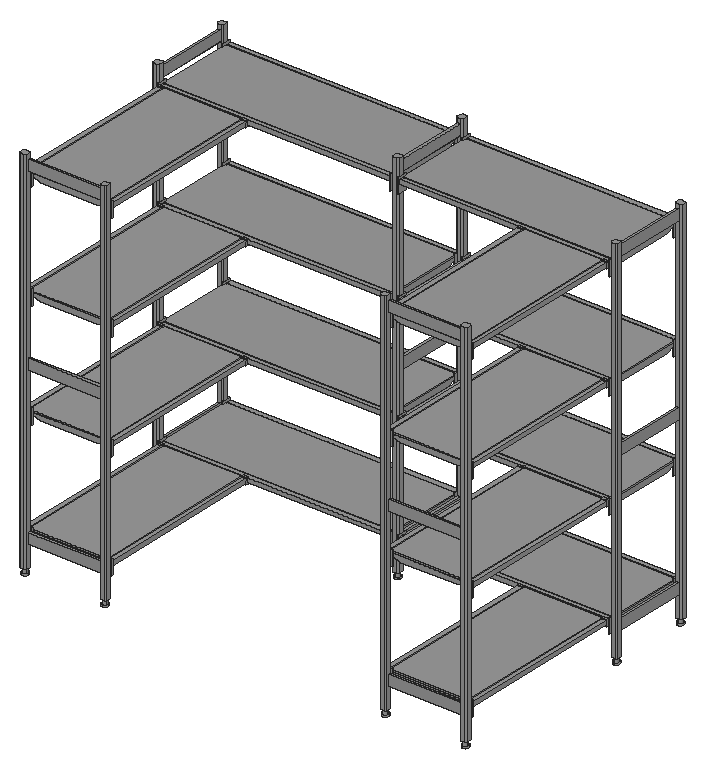
Revit family "QF_ELECTROLUXPROFESSIONAL_137095_CRS2012", category Attrezzature speciali, Revit 2020
Family settings
  Quota connettore circolare = Usa diametro
  Tipo di parte = Normale
  Basato su piano di lavoro = No
  Sempre verticale = Sì
  Taglio con vuoti quando caricato = No
  Condiviso = No
  Punto di calcolo locali = No
Parameters (values of type "Standard")
  Weight = 59.00 kg
  Watts = 0 W
  Volts = 0 V
  URL Manufacturer = "https://www.electroluxprofessional.com/"
  URL = "https://www.electroluxprofessional.com/"
  Steam Supply Size = 0 mm
  Steam Supply Minimum Pressure = 0.0 Pa
  Steam Supply Maximum Pressure = 0.0 Pa
  Steam Consumption per Hour = 0
  Refrigeration Suction Line Size = 0 mm
  Refrigeration Liquid Line Size = 0 mm
  Refrigerant Compressor Remote = yes
  Prospetto di default = 0 mm
  Produttore = "Electrolux Professional"
  Phase = 0
  Modello = "CRS2012"
  Length Actual = 708 mm  # constant formula
  Item Number = "137095"
  Hot Water Size = 0 mm
  Height Actual = 1550 mm  # constant formula
  HP = "0 HP"
  Gas Size = 0 mm
  Gas KW = 0
  Gas Input Pressure = 0 W
  Direct Waste Size = 0 mm
  Descrizione = "ALUM.SHELV.,POLY.TIERS-COLDROOM 203X123"
  Depth Actual = 373 mm  # constant formula
  Cycle = 0 Hz
  Condensate Return Size = 0 mm
  Compressed Air Volume = 0.0 L/s
  Compressed Air Size = 0 mm
  Compressed Air Pressure = 0.0 Pa
  Cold Water Size = 0 mm
  Accessory = yes
Reference planes
  plane 1 "Center (Front/Back)": y = 0
  plane 2: z = 0
  plane 3 "Center (Left/Right)": x = 0
  plane 4: x = -1015
  plane 5: y = 615
  plane 6: y = -615
  plane 7: x = 1015
  plane 8: x = -980
  plane 9: x = 980
  plane 10: y = 558.5
  plane 11: y = -558.5
Forms (mm)
  Extrusion 1, solid, material "QF_Clearances", detail levels coarse
    sketch origin (0, 0, 0) x (1, 0, 0) y (0, 1, 0)
      loop
        line (-1015, -615) -> (1015, -615) -> (1015, 615) -> (-1015, 615) -> (-1015, -615)
      loop
        line (980, -558.5) -> (980, 558.5) -> (-980, 558.5) -> (-980, -558.5) -> (980, -558.5)
    from 0 to 1590
Lines and regions (mm)
  symbolic lines, style "QF_Clearances"
    curve 1: line (-1015, 615, 0) -> (-1015, -615, 0)
    curve 2: line (1015, 615, 0) -> (-1015, 615, 0)
    curve 3: line (1015, -615, 0) -> (1015, 615, 0)
Dimensions and locks
  equal spacing: plane 5, plane 1 "Center (Front/Back)", plane 6
  plane 5 to plane 6 = 1230 mm
  equal spacing: plane 4, plane 3 "Center (Left/Right)", plane 7
  plane 4 to plane 7 = 2030 mm
  plane 4 to plane 8 = 35 mm
  plane 8 to plane 9 = 1960 mm
  plane 11 to plane 6 = 56.5 mm
  plane 10 to plane 11 = 1117 mm
  aligned and locked: level to plane 2
  aligned and locked: plane 4 to Extrusion 1 sketch curve
  aligned and locked: Extrusion 1 sketch curve to plane 5
  aligned and locked: Extrusion 1 sketch curve to plane 7
  aligned and locked: Extrusion 1 sketch curve to plane 8
  aligned and locked: plane 10 to Extrusion 1 sketch curve
  aligned and locked: plane 9 to Extrusion 1 sketch curve
  aligned and locked: Extrusion 1 sketch curve to plane 11
  aligned and locked: Extrusion 1 sketch curve to plane 6
Automatic sketch dimensions
  curve 1 to plane 4 = 0 mm
  curve 2 to plane 5 = 0 mm
  curve 2 to plane 7 = 0 mm
  curve 1 to plane 6 = 0 mm
  curve 3 to plane 6 = 0 mm
Nested families
  nested 1: "QF_974" at (-430, 535.5, 0), type "QF_974"
  nested 2: "QF_886" at (536, 535.5, 0), type "QF_886"
  nested 3: "QF_708G" at (-728.5, -9, 0), type "QF_708G"
  nested 4: "QF_708G" at (728.5, -9, 0) x (-1, 0, 0) z (0, 0, 1), type "QF_708G"
Definition of nested family "QF_974"
  Parameters
    Default Elevation = 0 mm
    Model = "137013"
    Manufacturer = "Electrolux Professional"
    Description = ""
  Reference planes
    plane 1: z = 0
    plane 2 "Center (Left/Right)": x = -31
    plane 3 "LEFT": x = -550
    plane 4 "RIGHT": x = 488
    plane 5 "BACK": y = 23
    plane 6 "FRONT": y = -350
    plane 7 "TOP": z = 1700
    plane 8: x = 483
    plane 9: x = -518
    plane 10: x = 456
    plane 11 "Center (Front/Back)": y = -163.5
    plane 12: x = 451
    plane 13: y = -8.5
    plane 14: y = -318.5
    plane 15 "FEET": z = 25
    plane 16: z = 140
    plane 17: z = 590
    plane 18: z = 1040
    plane 19: z = 1490
    plane 20 "CXLeft": x = -536
    plane 21 "CXRight": x = 474
    plane 22: y = 5.5
    plane 23 "CYBack": y = 5.5
    plane 24 "CYFront": y = -332.5
  Forms (mm)
    Extrusion 1, solid
      sketch origin (-550, 0, 0) x (0, 1, 0) y (0, 0, 1)
        loop
          line (4, 1515.994) -> (4, 1497.998) -> (23, 1497.998) -> (23, 1515.994) -> (4, 1515.994)
        loop
          line (-331, 1515.994) -> (-350, 1515.994) -> (-350, 1497.998) -> (-331, 1497.998) -> (-331, 1515.994)
        loop
          line (4, 1065.994) -> (4, 1047.998) -> (23, 1047.998) -> (23, 1065.994) -> (4, 1065.994)
        loop
          line (-331, 1065.994) -> (-350, 1065.994) -> (-350, 1047.998) -> (-331, 1047.998) -> (-331, 1065.994)
        loop
          line (4, 615.994) -> (4, 597.998) -> (23, 597.998) -> (23, 615.994) -> (4, 615.994)
        loop
          line (-331, 615.994) -> (-350, 615.994) -> (-350, 597.998) -> (-331, 597.998) -> (-331, 615.994)
        loop
          line (4, 165.994) -> (4, 147.998) -> (23, 147.998) -> (23, 165.994) -> (4, 165.994)
        loop
          line (-331, 165.994) -> (-350, 165.994) -> (-350, 147.998) -> (-331, 147.998) -> (-331, 165.994)
      from 32 to 1006
    Extrusion 2, solid
      sketch origin (-550, 0, 135) x (0, 1, 0) y (0, 0, 1)
        loop
          line (2.007, 1380.994) -> (-329, 1380.994) -> (-329, 1374.496) -> (2.007, 1374.496) -> (2.007, 1380.994)
        loop
          line (2.007, 930.994) -> (-329, 930.994) -> (-329, 924.496) -> (2.007, 924.496) -> (2.007, 930.994)
        loop
          line (2.007, 480.994) -> (-329, 480.994) -> (-329, 474.496) -> (2.007, 474.496) -> (2.007, 480.994)
        loop
          line (2.007, 30.994) -> (-329, 30.994) -> (-329, 24.496) -> (2.007, 24.496) -> (2.007, 30.994)
      from 32 to 1006
    Extrusion 3, solid
      sketch origin (488, 0, 135) x (0, 1, 0) y (0, 0, 1)
        loop
          line (-12, 1362.998) -> (4, 1362.998) -> (4, 1380.994) -> (2.007, 1380.994) -> (2.007, 1374.496) -> (-329, 1374.496) -> (-329, 1380.994) -> (-331, 1380.994) -> (-331, 1362.998) -> (-315, 1362.998) -> (-281, 1350.994) -> (-46, 1350.994) -> (-12, 1362.998)
        loop
          line (-12, 912.998) -> (4, 912.998) -> (4, 930.994) -> (2.007, 930.994) -> (2.007, 924.496) -> (-329, 924.496) -> (-329, 930.994) -> (-331, 930.994) -> (-331, 912.998) -> (-315, 912.998) -> (-281, 900.994) -> (-46, 900.994) -> (-12, 912.998)
        loop
          line (-12, 462.998) -> (4, 462.998) -> (4, 480.994) -> (2.007, 480.994) -> (2.007, 474.496) -> (-329, 474.496) -> (-329, 480.994) -> (-331, 480.994) -> (-331, 462.998) -> (-315, 462.998) -> (-281, 450.994) -> (-46, 450.994) -> (-12, 462.998)
        loop
          line (-12, 12.998) -> (4, 12.998) -> (4, 30.994) -> (2.007, 30.994) -> (2.007, 24.496) -> (-329, 24.496) -> (-329, 30.994) -> (-331, 30.994) -> (-331, 12.998) -> (-315, 12.998) -> (-281, 0.994) -> (-46, 0.994) -> (-12, 12.998)
      from -32 to -37
  Lines and regions (mm)
    symbolic lines
      curve 1: line (456, 4, 1700) -> (-518, 4, 1700)
      curve 2: line (-522, 23, 1700) -> (460, 23, 1700)
      curve 3: line (460, 13.246, 1700) -> (466.254, 19.5, 1700)
      curve 4: line (466.254, -8.5, 1700) -> (460, -2.246, 1700)
      curve 5: line (466.254, -318.5, 1700) -> (460, -324.754, 1700)
      curve 6: line (-522, -350, 1700) -> (460, -350, 1700)
      curve 7: line (460, 23, 1700) -> (460, -12.993, 1700)
      curve 8: line (460, -12.993, 1700) -> (456, -12.993, 1700)
      curve 9: line (460, -350, 1700) -> (460, -314.007, 1700)
      curve 10: line (460, -314.007, 1700) -> (456, -314.007, 1700)
      curve 11: line (-518, -12.993, 1700) -> (-518, -314.007, 1700)
      curve 12: line (-518, -331, 1700) -> (456, -331, 1700)
      curve 13: line (456, -12.993, 1700) -> (456, -314.007, 1700)
  Dimensions and locks
    locked: plane 3 "LEFT" to plane 4 "RIGHT" at 1038
    equal spacing: plane 3 "LEFT", plane 2 "Center (Left/Right)", plane 4 "RIGHT"
    locked: plane 7 "TOP" to level at 1700
    locked: plane 5 "BACK" to plane 6 "FRONT" at 373
    locked: plane 4 "RIGHT" to plane 8 at 5
    locked: plane 9 to plane 10 at 974
    locked: plane 3 "LEFT" to plane 9 at 32
    plane 12 to plane 10 = 5 mm
    locked: plane 13 to plane 14 at 310
    equal spacing: plane 13, plane 11 "Center (Front/Back)", plane 14
    equal spacing: plane 5 "BACK", plane 11 "Center (Front/Back)", plane 6 "FRONT"
    plane 15 "FEET" to level = 25 mm
    plane 7 "TOP" to plane 15 "FEET" = 1675 mm
    plane 17 to plane 16 = 450 mm
    plane 18 to plane 17 = 450 mm
    plane 19 to plane 18 = 450 mm
    locked: plane 3 "LEFT" to plane 20 "CXLeft" at 14
    locked: plane 21 "CXRight" to plane 4 "RIGHT" at 14
    locked: plane 5 "BACK" to plane 23 "CYBack" at 17.5
    locked: plane 24 "CYFront" to plane 6 "FRONT" at 17.5
    plane 16 to level = 140 mm
    plane 17 to level = 590 mm
    plane 18 to level = 1040 mm
    plane 19 to level = 1490 mm
    aligned and locked: level to plane 1
    aligned and locked: plane 9 to Extrusion 2
    aligned and locked: Extrusion 2 to plane 10
    aligned and locked: plane 9 to Extrusion 1
    aligned and locked: Extrusion 1 to plane 10
    aligned and locked: Extrusion 1 sketch curve to Extrusion 1 sketch curve  (x2)
    aligned and locked: Extrusion 3 sketch curve to Extrusion 3 sketch curve  (x3)
    aligned and locked: Extrusion 3 to plane 12
    aligned and locked: Extrusion 3 to plane 10
    aligned and locked: plane 20 "CXLeft" to nested 1
    aligned and locked: plane 21 "CXRight" to nested 2
  Automatic sketch dimensions
    Extrusion 1 sketch curve to plane 6 "FRONT" = 0 mm  (x4)
    Extrusion 1 sketch curve to plane 5 "BACK" = 0 mm  (x4)
    plane 24 "CYFront" to Extrusion 1 sketch curve = 1.5 mm  (x2)
    plane 22 to Extrusion 1 sketch curve = 1.5 mm  (x4)
    plane 16 to Extrusion 1 sketch curve = 7.998 mm  (x2)
    Extrusion 1 sketch curve to Extrusion 1 sketch curve = 17.997 mm  (x8)
    plane 17 to Extrusion 1 sketch curve = 7.998 mm  (x2)
    plane 18 to Extrusion 1 sketch curve = 7.998 mm  (x2)
    plane 19 to Extrusion 1 sketch curve = 7.998 mm  (x2)
    plane 24 "CYFront" to Extrusion 2 sketch curve = 3.5 mm  (x4)
    plane 22 to Extrusion 2 sketch curve = 3.493 mm  (x4)
    plane 16 to Extrusion 2 sketch curve = 19.496 mm
    Extrusion 2 sketch curve to Extrusion 2 sketch curve = 6.499 mm  (x4)
    plane 17 to Extrusion 2 sketch curve = 19.496 mm
    plane 18 to Extrusion 2 sketch curve = 19.496 mm
    plane 19 to Extrusion 2 sketch curve = 19.496 mm
    plane 24 "CYFront" to Extrusion 3 sketch curve = 1.5 mm  (x4)
    Extrusion 3 sketch curve to Extrusion 3 sketch curve = 2 mm
    plane 14 to Extrusion 3 sketch curve = 3.5 mm  (x4)
    Extrusion 3 sketch curve to plane 16 = 4.006 mm
    Extrusion 3 sketch curve to Extrusion 3 sketch curve = 34 mm  (x4)
    Extrusion 3 sketch curve to plane 17 = 4.006 mm
    Extrusion 3 sketch curve to plane 18 = 4.006 mm
    Extrusion 3 sketch curve to plane 19 = 4.006 mm
    Extrusion 3 sketch curve to plane 13 = 37.5 mm  (x4)
    Extrusion 3 sketch curve to plane 13 = 3.5 mm  (x4)
    plane 22 to Extrusion 3 sketch curve = 3.493 mm  (x4)
    plane 22 to Extrusion 3 sketch curve = 1.5 mm  (x4)
    plane 16 to Extrusion 3 sketch curve = 7.998 mm  (x2)
    Extrusion 3 sketch curve to Extrusion 3 sketch curve = 11.498 mm  (x4)
    Extrusion 3 sketch curve to Extrusion 3 sketch curve = 6.499 mm  (x8)
    plane 17 to Extrusion 3 sketch curve = 7.998 mm  (x2)
    plane 18 to Extrusion 3 sketch curve = 7.998 mm  (x2)
    plane 19 to Extrusion 3 sketch curve = 7.998 mm  (x2)
    curve 6 to plane 6 "FRONT" = 0 mm
    curve 12 to plane 9 = 0 mm
    curve 12 to plane 10 = 0 mm
    curve 5 to plane 14 = 0 mm
    curve 11 to plane 9 = 0 mm
    curve 8 to plane 10 = 0 mm
    curve 4 to plane 13 = 0 mm
    curve 1 to plane 9 = 0 mm
    curve 1 to plane 10 = 0 mm
    curve 2 to plane 5 "BACK" = 0 mm
    plane 14 to curve 10 = 4.493 mm
    curve 7 to plane 13 = 4.493 mm
    curve 10 to plane 10 = 4 mm
    curve 7 to plane 10 = 4 mm
    plane 24 "CYFront" to curve 12 = 1.5 mm
    curve 5 to plane 14 = 6.254 mm
    plane 14 to curve 11 = 4.493 mm
    curve 11 to plane 13 = 4.493 mm
    plane 13 to curve 4 = 6.254 mm
    plane 22 to curve 1 = 1.5 mm
    curve 3 to plane 22 = 7.746 mm
    curve 3 to plane 5 "BACK" = 3.5 mm
    curve 5 to curve 9 = 6.254 mm
    curve 3 to curve 2 = 6.254 mm
    curve 4 to curve 7 = 6.254 mm
    plane 9 to curve 2 = 4 mm
    plane 9 to curve 6 = 4 mm
  Nested families
    nested 1: "WT_Anta373B" at (-133, 0, 0), type "WT_Anta373B"
    nested 2: "WT_Anta373B" at (71, 0, 0) x (-1, 0, 0) z (0, 0, 1), type "WT_Anta373B"
  Definition of nested family "WT_Anta373B"
    Parameters
      WidthLeft = A + 64 mm  # 772 mm
      Width = 1606 mm
      Right = WidthLeft / 2  # 386 mm
      Default Elevation = 0 mm
      Left = -WidthLeft / 2  # -386 mm
      Height = 1590 mm
      FEET = 25 mm
      E = 0 mm
      Dint = Depth - 63 mm  # 310 mm
      Dext = Depth - 8 mm  # 365 mm
      Depth = 373 mm
      DX = (WidthLeft - A) / 2  # 32 mm
      B = 798 mm
      A = 708 mm
    Reference planes
      plane 1: z = 0
      plane 2 "LEFT": x = -417
      plane 3 "BACK": y = 23
      plane 4 "FRONT": y = -350
      plane 5 "TOP": z = 1590
      plane 6 "Center (Front/Back)": y = -163.5
      plane 7: y = -8.5
      plane 8: y = -318.5
      plane 9 "FEET": z = 25
      plane 10: z = 140
      plane 11: z = 590
      plane 12: z = 1040
      plane 13: z = 1490
      plane 14 "CXLeft": x = -403
      plane 15: y = 5.5
      plane 16 "CYBack": y = 5.5
      plane 17 "CYFront": y = -332.5
      plane 18: x = -385.031
      plane 19: x = -380.031
    Forms (mm)
      Extrusion 1, solid
        sketch origin (0, 0, 0) x (1, 0, 0) y (0, 1, 0)
          loop
            line (-417, 13.246) -> (-417, -2.246) -> (-410.746, -8.5) -> (-395.254, -8.5) -> (-389, -2.246) -> (-389, 13.246) -> (-395.254, 19.5) -> (-410.746, 19.5) -> (-417, 13.246)
        from 1590 to 25
      Extrusion 2, solid
        sketch origin (-417, 0, 0) x (0, 1, 0) y (0, 0, 1)
          loop
            line (23, 111.005) -> (23, 172.993) -> (-12.993, 172.993) -> (-12.993, 111.005) -> (23, 111.005)
          loop
            line (-350, 111.005) -> (-314.007, 111.005) -> (-314.007, 172.993) -> (-350, 172.993) -> (-350, 111.005)
          loop
            line (23, 561.005) -> (23, 622.993) -> (-12.993, 622.993) -> (-12.993, 561.005) -> (23, 561.005)
          loop
            line (-350, 561.005) -> (-314.007, 561.005) -> (-314.007, 622.993) -> (-350, 622.993) -> (-350, 561.005)
          loop
            line (23, 1011.005) -> (23, 1072.993) -> (-12.993, 1072.993) -> (-12.993, 1011.005) -> (23, 1011.005)
          loop
            line (-350, 1011.005) -> (-314.007, 1011.005) -> (-314.007, 1072.993) -> (-350, 1072.993) -> (-350, 1011.005)
          loop
            line (23, 1461.005) -> (23, 1522.993) -> (-12.993, 1522.993) -> (-12.993, 1461.005) -> (23, 1461.005)
          loop
            line (-350, 1461.005) -> (-314.007, 1461.005) -> (-314.007, 1522.993) -> (-350, 1522.993) -> (-350, 1461.005)
        from 28 to 32
      Revolve 3, solid
        sketch origin (-403, 0, 0) x (0, 1, 0) y (0, 0, 1)
          loop
            line (5.5, 25) -> (5.5, 0) -> (19, 0) -> (19, 5) -> (14, 5) -> (14, 25) -> (5.5, 25)
          axis (5.5, 25) -> (5.5, 0)
        angle from 0 to 360
      Extrusion 4, solid
        sketch origin (-403, 0, 0) x (0, 1, 0) y (0, 0, 1)
          loop
            line (-8.5, 777.382) -> (-8.5, 822.374) -> (-318.5, 822.374) -> (-318.5, 777.382) -> (-8.5, 777.382)
          loop
            line (-8.5, 1527.244) -> (-8.5, 1572.236) -> (-318.5, 1572.236) -> (-318.5, 1527.244) -> (-8.5, 1527.244)
        from -5 to 5
      Revolve 5, solid
        sketch origin (-403, -627, 0) x (0, -1, 0) y (0, 0, 1)
          loop
            line (-294.5, 25) -> (-294.5, 0) -> (-281, 0) -> (-281, 5) -> (-286, 5) -> (-286, 25) -> (-294.5, 25)
          axis (-294.5, 25) -> (-294.5, 0)
        angle from 0 to 360
      Extrusion 6, solid
        sketch origin (0, -627, 0) x (1, 0, 0) y (0, 1, 0)
          loop
            line (-417, 286.754) -> (-410.746, 280.5) -> (-395.254, 280.5) -> (-389, 286.754) -> (-389, 302.246) -> (-395.254, 308.5) -> (-410.746, 308.5) -> (-417, 302.246) -> (-417, 286.754)
        from 1590 to 25
      Extrusion 7, solid
        sketch origin (-417.031, -0.022, 0) x (0, 1, 0) y (0, 0, -1)
          loop
            line (-12, -1497.998) -> (-46, -1485.994) -> (-281, -1485.994) -> (-315, -1497.998) -> (-331, -1497.998) -> (-331, -1515.994) -> (-329, -1515.994) -> (-329, -1509.496) -> (2.007, -1509.496) -> (2.007, -1515.994) -> (4, -1515.994) -> (4, -1497.998) -> (-12, -1497.998)
          loop
            line (-12, -1047.998) -> (-46, -1035.994) -> (-281, -1035.994) -> (-315, -1047.998) -> (-331, -1047.998) -> (-331, -1065.994) -> (-329, -1065.994) -> (-329, -1059.496) -> (2.007, -1059.496) -> (2.007, -1065.994) -> (4, -1065.994) -> (4, -1047.998) -> (-12, -1047.998)
          loop
            line (-12, -597.998) -> (-46, -585.994) -> (-281, -585.994) -> (-315, -597.998) -> (-331, -597.998) -> (-331, -615.994) -> (-329, -615.994) -> (-329, -609.496) -> (2.007, -609.496) -> (2.007, -615.994) -> (4, -615.994) -> (4, -597.998) -> (-12, -597.998)
          loop
            line (-12, -147.998) -> (-46, -135.994) -> (-281, -135.994) -> (-315, -147.998) -> (-331, -147.998) -> (-331, -165.994) -> (-329, -165.994) -> (-329, -159.496) -> (2.007, -159.496) -> (2.007, -165.994) -> (4, -165.994) -> (4, -147.998) -> (-12, -147.998)
        from -32 to -37
      Extrusion 8, solid
        sketch origin (-403, 0, -659.878) x (0, 1, 0) y (0, 0, 1)
          loop
            line (-8.5, 777.382) -> (-8.5, 822.374) -> (-318.5, 822.374) -> (-318.5, 777.382) -> (-8.5, 777.382)
          loop
            line (-8.5, 1437.382) -> (-8.5, 1482.374) -> (-318.5, 1482.374) -> (-318.5, 1437.382) -> (-8.5, 1437.382)
          loop
            line (-8.5, 2187.382) -> (-8.5, 2232.374) -> (-318.5, 2232.374) -> (-318.5, 2187.382) -> (-8.5, 2187.382)
        from -5 to 5
    Lines and regions (mm)
      symbolic lines
        curve 1: line (-408, -8.5, 1590) -> (-408, -318.5, 1590)
        curve 2: line (-398, -318.5, 1590) -> (-398, -8.5, 1590)
        curve 3: line (-395.254, -8.5, 1590) -> (-410.746, -8.5, 1590)
        curve 4: line (-417, -2.246, 1590) -> (-410.746, -8.5, 1590)
        curve 5: line (-417, 13.246, 1590) -> (-417, -2.246, 1590)
        curve 6: line (-410.746, 19.5, 1590) -> (-417, 13.246, 1590)
        curve 7: line (-395.254, 19.5, 1590) -> (-410.746, 19.5, 1590)
        curve 8: line (-389, 13.246, 1590) -> (-395.254, 19.5, 1590)
        curve 9: line (-395.254, -8.5, 1590) -> (-389, -2.246, 1590)
        curve 10: line (-395.254, -318.5, 1590) -> (-410.746, -318.5, 1590)
        curve 11: line (-417, -324.754, 1590) -> (-410.746, -318.5, 1590)
        curve 12: line (-410.746, -346.5, 1590) -> (-417, -340.246, 1590)
        curve 13: line (-395.254, -346.5, 1590) -> (-410.746, -346.5, 1590)
        curve 14: line (-389, -340.246, 1590) -> (-395.254, -346.5, 1590)
        curve 15: line (-395.254, -318.5, 1590) -> (-389, -324.754, 1590)
        curve 16: line (-389, -350, 1590) -> (-389, -314.007, 1590)
        curve 17: line (-389, -314.007, 1590) -> (-385, -314.007, 1590)
        curve 18: line (-389, 23, 1590) -> (-389, -12.993, 1590)
        curve 19: line (-389, -12.993, 1590) -> (-385, -12.993, 1590)
        curve 20: line (-417, -324.754, 1590) -> (-417, -340.246, 1590)
        curve 21: line (-385, -350, 1590) -> (-385, -314.007, 1590)
        curve 22: line (-385, -350, 1590) -> (-389, -350, 1590)
        curve 23: line (-385, 23, 1590) -> (-389, 23, 1590)
        curve 24: line (-385, -12.993, 1590) -> (-385, 23, 1590)
        curve 25: line (-385.031, -13.016, 1725) -> (-385.031, -314.029, 1725)
    Dimensions and locks
      "Depth": plane 3 "BACK" to plane 4 "FRONT"
      "Dint": plane 7 to plane 8
      equal spacing: plane 7, plane 6 "Center (Front/Back)", plane 8
      equal spacing: plane 3 "BACK", plane 6 "Center (Front/Back)", plane 4 "FRONT"
      plane 9 "FEET" to level = 25 mm
      plane 10 to plane 9 "FEET" = 115 mm
      plane 11 to plane 10 = 450 mm
      plane 12 to plane 11 = 450 mm
      plane 13 to plane 12 = 450 mm
      locked: plane 2 "LEFT" to plane 14 "CXLeft" at 14
      locked: plane 3 "BACK" to plane 16 "CYBack" at 17.5
      locked: plane 17 "CYFront" to plane 4 "FRONT" at 17.5
      locked: Revolve 3 sketch curve to Revolve 3 sketch curve at 8.5
      locked: Revolve 3 sketch curve to plane 16 "CYBack" at 13.5
      locked: Revolve 5 sketch curve to Revolve 5 sketch curve at 8.5
      plane 10 to level = 140 mm
      plane 11 to level = 590 mm
      plane 12 to level = 1040 mm
      plane 13 to level = 1490 mm
      "Height": plane 5 "TOP" to level
      aligned and locked: level to plane 1
      aligned and locked: curve 20 to Extrusion 6
      aligned and locked: plane 5 "TOP" to Extrusion 1
      aligned and locked: plane 5 "TOP" to Extrusion 6
      aligned and locked: Extrusion 7 sketch curve to Extrusion 7 sketch curve  (x3)
    Automatic sketch dimensions
      curve 16 to plane 4 "FRONT" = 0 mm
      curve 11 to plane 8 = 0 mm
      curve 9 to plane 7 = 0 mm
      curve 5 to plane 2 "LEFT" = 0 mm
      curve 23 to plane 3 "BACK" = 0 mm
      plane 4 "FRONT" to curve 13 = 3.5 mm
      curve 20 to plane 17 "CYFront" = 7.746 mm
      curve 20 to plane 8 = 6.254 mm
      plane 8 to curve 16 = 4.493 mm
      curve 24 to plane 18 = 0.031 mm
      curve 24 to plane 7 = 4.493 mm
      plane 7 to curve 5 = 6.254 mm
      curve 5 to plane 15 = 7.746 mm
      curve 6 to plane 3 "BACK" = 3.5 mm
      curve 21 to plane 18 = 0.031 mm
      plane 18 to curve 23 = 3.969 mm
      plane 18 to curve 16 = 3.969 mm
      curve 18 to curve 8 = 6.254 mm
      curve 18 to curve 3 = 6.254 mm
      curve 16 to curve 13 = 6.254 mm
      curve 16 to curve 15 = 6.254 mm
      plane 2 "LEFT" to curve 10 = 6.254 mm
      plane 2 "LEFT" to curve 7 = 6.254 mm
      plane 2 "LEFT" to curve 12 = 6.254 mm
      plane 2 "LEFT" to curve 3 = 6.254 mm
      curve 14 to plane 17 "CYFront" = 7.746 mm
      curve 15 to plane 8 = 6.254 mm
      plane 7 to curve 9 = 6.254 mm
      curve 8 to plane 15 = 7.746 mm
      curve 3 to curve 2 = 2.746 mm
      curve 1 to curve 10 = 2.746 mm
      Extrusion 1 sketch curve to plane 2 "LEFT" = 0 mm
      Extrusion 1 sketch curve to plane 7 = 0 mm
      plane 2 "LEFT" to Extrusion 1 sketch curve = 6.254 mm  (x2)
      plane 14 "CXLeft" to Extrusion 1 sketch curve = 7.746 mm  (x2)
      Extrusion 1 sketch curve to plane 3 "BACK" = 3.5 mm
      plane 18 to Extrusion 1 sketch curve = 3.969 mm
      plane 7 to Extrusion 1 sketch curve = 6.254 mm  (x2)
      Extrusion 1 sketch curve to plane 15 = 7.746 mm  (x2)
      Extrusion 2 sketch curve to plane 4 "FRONT" = 0 mm  (x4)
      Extrusion 2 sketch curve to plane 3 "BACK" = 0 mm  (x4)
      plane 8 to Extrusion 2 sketch curve = 4.493 mm  (x4)
      Extrusion 2 sketch curve to plane 7 = 4.493 mm  (x4)
      Extrusion 2 sketch curve to plane 10 = 28.995 mm  (x2)
      plane 10 to Extrusion 2 sketch curve = 32.993 mm  (x2)
      Extrusion 2 sketch curve to plane 11 = 28.995 mm  (x2)
      plane 11 to Extrusion 2 sketch curve = 32.993 mm  (x2)
      Extrusion 2 sketch curve to plane 12 = 28.995 mm  (x2)
      plane 12 to Extrusion 2 sketch curve = 32.993 mm  (x2)
      Extrusion 2 sketch curve to plane 13 = 28.995 mm  (x2)
      plane 13 to Extrusion 2 sketch curve = 32.993 mm  (x2)
      Revolve 3 sketch curve to plane 9 "FEET" = 0 mm  (x2)
      Revolve 3 sketch curve to plane 15 = 0 mm  (x2)
      Revolve 3 sketch curve to level = 0 mm
      level to Revolve 3 sketch curve = 5 mm
      Revolve 3 sketch curve to Revolve 3 sketch curve = 11.655 mm
      Extrusion 4 sketch curve to plane 8 = 0 mm  (x2)
      Extrusion 4 sketch curve to plane 7 = 0 mm  (x2)
      plane 11 to Extrusion 4 sketch curve = 187.382 mm
      Extrusion 4 sketch curve to Extrusion 4 sketch curve = 44.992 mm
      plane 13 to Extrusion 4 sketch curve = 37.244 mm
      Extrusion 4 sketch curve to plane 5 "TOP" = 17.764 mm
      Revolve 5 sketch curve to plane 9 "FEET" = 0 mm  (x2)
      Revolve 5 sketch curve to plane 17 "CYFront" = 0 mm  (x2)
      Revolve 5 sketch curve to level = 0 mm
      Revolve 5 sketch curve to plane 4 "FRONT" = 4 mm
      Revolve 5 sketch curve to Revolve 5 sketch curve = 5 mm
      level to Revolve 5 sketch curve = 11.655 mm
      Extrusion 6 sketch curve to plane 2 "LEFT" = 0 mm
      Extrusion 6 sketch curve to plane 8 = 0 mm
      Extrusion 6 sketch curve to plane 2 "LEFT" = 6.254 mm  (x2)
      Extrusion 6 sketch curve to plane 14 "CXLeft" = 7.746 mm  (x2)
      Extrusion 6 sketch curve to plane 4 "FRONT" = 3.5 mm
      Extrusion 6 sketch curve to plane 18 = 3.969 mm
      plane 8 to Extrusion 6 sketch curve = 6.254 mm  (x2)
      plane 17 "CYFront" to Extrusion 6 sketch curve = 7.746 mm  (x2)
      plane 17 "CYFront" to Extrusion 7 sketch curve = 1.478 mm  (x4)
      Extrusion 7 sketch curve to Extrusion 7 sketch curve = 2 mm
      plane 8 to Extrusion 7 sketch curve = 3.478 mm  (x4)
      Extrusion 7 sketch curve to plane 10 = 4.006 mm
      Extrusion 7 sketch curve to Extrusion 7 sketch curve = 34 mm  (x4)
      Extrusion 7 sketch curve to plane 11 = 4.006 mm
      Extrusion 7 sketch curve to plane 12 = 4.006 mm
      Extrusion 7 sketch curve to plane 13 = 4.006 mm
      Extrusion 7 sketch curve to plane 7 = 37.522 mm  (x4)
      Extrusion 7 sketch curve to plane 7 = 3.522 mm  (x4)
      plane 15 to Extrusion 7 sketch curve = 3.516 mm  (x4)
      plane 15 to Extrusion 7 sketch curve = 1.522 mm  (x4)
      plane 13 to Extrusion 7 sketch curve = 7.998 mm  (x2)
      Extrusion 7 sketch curve to Extrusion 7 sketch curve = 11.498 mm
      Extrusion 7 sketch curve to Extrusion 7 sketch curve = 6.499 mm  (x5)
      plane 12 to Extrusion 7 sketch curve = 25.994 mm  (x2)
      plane 12 to Extrusion 7 sketch curve = 7.998 mm  (x2)
      plane 11 to Extrusion 7 sketch curve = 25.994 mm  (x2)
      plane 11 to Extrusion 7 sketch curve = 7.998 mm  (x2)
      plane 10 to Extrusion 7 sketch curve = 25.994 mm  (x2)
      plane 10 to Extrusion 7 sketch curve = 7.998 mm  (x2)
      curve 25 to plane 18 = 0 mm
      plane 8 to curve 25 = 4.471 mm
      curve 25 to plane 7 = 4.516 mm
      Extrusion 8 sketch curve to plane 8 = 0 mm  (x3)
      Extrusion 8 sketch curve to plane 7 = 0 mm  (x3)
      Extrusion 8 sketch curve to plane 10 = 22.496 mm
      plane 10 to Extrusion 8 sketch curve = 22.496 mm
      plane 11 to Extrusion 8 sketch curve = 187.504 mm
      Extrusion 8 sketch curve to Extrusion 8 sketch curve = 44.992 mm
      plane 13 to Extrusion 8 sketch curve = 37.504 mm
      Extrusion 8 sketch curve to plane 5 "TOP" = 17.504 mm
Definition of nested family "QF_886"
  Parameters
    Default Elevation = 0 mm
    Model = "137012"
    Manufacturer = "Electrolux Professional"
    Description = ""
  Reference planes
    plane 1: z = 0
    plane 2 "Center (Left/Right)": x = -31
    plane 3 "LEFT": x = -506
    plane 4 "RIGHT": x = 444
    plane 5 "BACK": y = 23
    plane 6 "FRONT": y = -350
    plane 7 "TOP": z = 1700
    plane 8: x = 439
    plane 9: x = -474
    plane 10: x = 412
    plane 11 "Center (Front/Back)": y = -163.5
    plane 12: x = 407
    plane 13: y = -8.5
    plane 14: y = -318.5
    plane 15 "FEET": z = 25
    plane 16: z = 140
    plane 17: z = 590
    plane 18: z = 1040
    plane 19: z = 1490
    plane 20 "CXLeft": x = -492
    plane 21 "CXRight": x = 430
    plane 22: y = 5.5
    plane 23 "CYBack": y = 5.5
    plane 24 "CYFront": y = -332.5
  Forms (mm)
    Extrusion 1, solid
      sketch origin (-506, 0, 0) x (0, 1, 0) y (0, 0, 1)
        loop
          line (4, 1515.994) -> (4, 1497.998) -> (23, 1497.998) -> (23, 1515.994) -> (4, 1515.994)
        loop
          line (-331, 1515.994) -> (-350, 1515.994) -> (-350, 1497.998) -> (-331, 1497.998) -> (-331, 1515.994)
        loop
          line (4, 1065.994) -> (4, 1047.998) -> (23, 1047.998) -> (23, 1065.994) -> (4, 1065.994)
        loop
          line (-331, 1065.994) -> (-350, 1065.994) -> (-350, 1047.998) -> (-331, 1047.998) -> (-331, 1065.994)
        loop
          line (4, 615.994) -> (4, 597.998) -> (23, 597.998) -> (23, 615.994) -> (4, 615.994)
        loop
          line (-331, 615.994) -> (-350, 615.994) -> (-350, 597.998) -> (-331, 597.998) -> (-331, 615.994)
        loop
          line (4, 165.994) -> (4, 147.998) -> (23, 147.998) -> (23, 165.994) -> (4, 165.994)
        loop
          line (-331, 165.994) -> (-350, 165.994) -> (-350, 147.998) -> (-331, 147.998) -> (-331, 165.994)
      from 32 to 918
    Extrusion 2, solid
      sketch origin (-506, 0, 135) x (0, 1, 0) y (0, 0, 1)
        loop
          line (2.007, 1380.994) -> (-329, 1380.994) -> (-329, 1374.496) -> (2.007, 1374.496) -> (2.007, 1380.994)
        loop
          line (2.007, 930.994) -> (-329, 930.994) -> (-329, 924.496) -> (2.007, 924.496) -> (2.007, 930.994)
        loop
          line (2.007, 480.994) -> (-329, 480.994) -> (-329, 474.496) -> (2.007, 474.496) -> (2.007, 480.994)
        loop
          line (2.007, 30.994) -> (-329, 30.994) -> (-329, 24.496) -> (2.007, 24.496) -> (2.007, 30.994)
      from 32 to 918
    Extrusion 3, solid
      sketch origin (444, 0, 135) x (0, 1, 0) y (0, 0, 1)
        loop
          line (-12, 1362.998) -> (4, 1362.998) -> (4, 1380.994) -> (2.007, 1380.994) -> (2.007, 1374.496) -> (-329, 1374.496) -> (-329, 1380.994) -> (-331, 1380.994) -> (-331, 1362.998) -> (-315, 1362.998) -> (-281, 1350.994) -> (-46, 1350.994) -> (-12, 1362.998)
        loop
          line (-12, 912.998) -> (4, 912.998) -> (4, 930.994) -> (2.007, 930.994) -> (2.007, 924.496) -> (-329, 924.496) -> (-329, 930.994) -> (-331, 930.994) -> (-331, 912.998) -> (-315, 912.998) -> (-281, 900.994) -> (-46, 900.994) -> (-12, 912.998)
        loop
          line (-12, 462.998) -> (4, 462.998) -> (4, 480.994) -> (2.007, 480.994) -> (2.007, 474.496) -> (-329, 474.496) -> (-329, 480.994) -> (-331, 480.994) -> (-331, 462.998) -> (-315, 462.998) -> (-281, 450.994) -> (-46, 450.994) -> (-12, 462.998)
        loop
          line (-12, 12.998) -> (4, 12.998) -> (4, 30.994) -> (2.007, 30.994) -> (2.007, 24.496) -> (-329, 24.496) -> (-329, 30.994) -> (-331, 30.994) -> (-331, 12.998) -> (-315, 12.998) -> (-281, 0.994) -> (-46, 0.994) -> (-12, 12.998)
      from -32 to -37
  Lines and regions (mm)
    symbolic lines
      curve 1: line (412, 4, 1700) -> (-474, 4, 1700)
      curve 2: line (-478, 23, 1700) -> (416, 23, 1700)
      curve 3: line (416, 13.246, 1700) -> (422.254, 19.5, 1700)
      curve 4: line (422.254, -8.5, 1700) -> (416, -2.246, 1700)
      curve 5: line (422.254, -318.5, 1700) -> (416, -324.754, 1700)
      curve 6: line (-478, -350, 1700) -> (416, -350, 1700)
      curve 7: line (416, 23, 1700) -> (416, -12.993, 1700)
      curve 8: line (416, -12.993, 1700) -> (412, -12.993, 1700)
      curve 9: line (416, -350, 1700) -> (416, -314.007, 1700)
      curve 10: line (416, -314.007, 1700) -> (412, -314.007, 1700)
      curve 11: line (-474, -12.993, 1700) -> (-474, -314.007, 1700)
      curve 12: line (-474, -331, 1700) -> (412, -331, 1700)
      curve 13: line (412, -12.993, 1700) -> (412, -314.007, 1700)
  Dimensions and locks
    locked: plane 3 "LEFT" to plane 4 "RIGHT" at 950
    equal spacing: plane 3 "LEFT", plane 2 "Center (Left/Right)", plane 4 "RIGHT"
    locked: plane 7 "TOP" to level at 1700
    locked: plane 5 "BACK" to plane 6 "FRONT" at 373
    locked: plane 4 "RIGHT" to plane 8 at 5
    locked: plane 9 to plane 10 at 886
    locked: plane 3 "LEFT" to plane 9 at 32
    plane 12 to plane 10 = 5 mm
    locked: plane 13 to plane 14 at 310
    equal spacing: plane 13, plane 11 "Center (Front/Back)", plane 14
    equal spacing: plane 5 "BACK", plane 11 "Center (Front/Back)", plane 6 "FRONT"
    plane 15 "FEET" to level = 25 mm
    plane 7 "TOP" to plane 15 "FEET" = 1675 mm
    plane 17 to plane 16 = 450 mm
    plane 18 to plane 17 = 450 mm
    plane 19 to plane 18 = 450 mm
    locked: plane 3 "LEFT" to plane 20 "CXLeft" at 14
    locked: plane 21 "CXRight" to plane 4 "RIGHT" at 14
    locked: plane 5 "BACK" to plane 23 "CYBack" at 17.5
    locked: plane 24 "CYFront" to plane 6 "FRONT" at 17.5
    plane 16 to level = 140 mm
    plane 17 to level = 590 mm
    plane 18 to level = 1040 mm
    plane 19 to level = 1490 mm
    aligned and locked: level to plane 1
    aligned and locked: plane 9 to Extrusion 2
    aligned and locked: Extrusion 2 to plane 10
    aligned and locked: plane 9 to Extrusion 1
    aligned and locked: Extrusion 1 to plane 10
    aligned and locked: Extrusion 1 sketch curve to Extrusion 1 sketch curve  (x2)
    aligned and locked: Extrusion 3 sketch curve to Extrusion 3 sketch curve  (x3)
    aligned and locked: Extrusion 3 to plane 12
    aligned and locked: Extrusion 3 to plane 10
    aligned and locked: plane 20 "CXLeft" to nested 1
    aligned and locked: plane 21 "CXRight" to nested 2
  Automatic sketch dimensions
    Extrusion 1 sketch curve to plane 6 "FRONT" = 0 mm  (x4)
    Extrusion 1 sketch curve to plane 5 "BACK" = 0 mm  (x4)
    plane 24 "CYFront" to Extrusion 1 sketch curve = 1.5 mm  (x2)
    plane 22 to Extrusion 1 sketch curve = 1.5 mm  (x4)
    plane 16 to Extrusion 1 sketch curve = 7.998 mm  (x2)
    Extrusion 1 sketch curve to Extrusion 1 sketch curve = 17.997 mm  (x8)
    plane 17 to Extrusion 1 sketch curve = 7.998 mm  (x2)
    plane 18 to Extrusion 1 sketch curve = 7.998 mm  (x2)
    plane 19 to Extrusion 1 sketch curve = 7.998 mm  (x2)
    plane 24 "CYFront" to Extrusion 2 sketch curve = 3.5 mm  (x4)
    plane 22 to Extrusion 2 sketch curve = 3.493 mm  (x4)
    plane 16 to Extrusion 2 sketch curve = 19.496 mm
    Extrusion 2 sketch curve to Extrusion 2 sketch curve = 6.499 mm  (x4)
    plane 17 to Extrusion 2 sketch curve = 19.496 mm
    plane 18 to Extrusion 2 sketch curve = 19.496 mm
    plane 19 to Extrusion 2 sketch curve = 19.496 mm
    plane 24 "CYFront" to Extrusion 3 sketch curve = 1.5 mm  (x4)
    Extrusion 3 sketch curve to Extrusion 3 sketch curve = 2 mm
    plane 14 to Extrusion 3 sketch curve = 3.5 mm  (x4)
    Extrusion 3 sketch curve to plane 16 = 4.006 mm
    Extrusion 3 sketch curve to Extrusion 3 sketch curve = 34 mm  (x4)
    Extrusion 3 sketch curve to plane 17 = 4.006 mm
    Extrusion 3 sketch curve to plane 18 = 4.006 mm
    Extrusion 3 sketch curve to plane 19 = 4.006 mm
    Extrusion 3 sketch curve to plane 13 = 37.5 mm  (x4)
    Extrusion 3 sketch curve to plane 13 = 3.5 mm  (x4)
    plane 22 to Extrusion 3 sketch curve = 3.493 mm  (x4)
    plane 22 to Extrusion 3 sketch curve = 1.5 mm  (x4)
    plane 16 to Extrusion 3 sketch curve = 7.998 mm  (x2)
    Extrusion 3 sketch curve to Extrusion 3 sketch curve = 11.498 mm  (x4)
    Extrusion 3 sketch curve to Extrusion 3 sketch curve = 6.499 mm  (x8)
    plane 17 to Extrusion 3 sketch curve = 7.998 mm  (x2)
    plane 18 to Extrusion 3 sketch curve = 7.998 mm  (x2)
    plane 19 to Extrusion 3 sketch curve = 7.998 mm  (x2)
    curve 6 to plane 6 "FRONT" = 0 mm
    curve 12 to plane 9 = 0 mm
    curve 12 to plane 10 = 0 mm
    curve 5 to plane 14 = 0 mm
    curve 11 to plane 9 = 0 mm
    curve 8 to plane 10 = 0 mm
    curve 4 to plane 13 = 0 mm
    curve 1 to plane 9 = 0 mm
    curve 1 to plane 10 = 0 mm
    curve 2 to plane 5 "BACK" = 0 mm
    plane 14 to curve 10 = 4.493 mm
    curve 7 to plane 13 = 4.493 mm
    curve 10 to plane 10 = 4 mm
    curve 7 to plane 10 = 4 mm
    plane 24 "CYFront" to curve 12 = 1.5 mm
    curve 5 to plane 14 = 6.254 mm
    plane 14 to curve 11 = 4.493 mm
    curve 11 to plane 13 = 4.493 mm
    plane 13 to curve 4 = 6.254 mm
    plane 22 to curve 1 = 1.5 mm
    curve 3 to plane 22 = 7.746 mm
    curve 3 to plane 5 "BACK" = 3.5 mm
    curve 5 to curve 9 = 6.254 mm
    curve 3 to curve 2 = 6.254 mm
    curve 4 to curve 7 = 6.254 mm
    plane 9 to curve 2 = 4 mm
    plane 9 to curve 6 = 4 mm
  Nested families
    nested 1: "WT_Anta373B" at (-89, 0, 0), type "WT_Anta373B"
    nested 2: "WT_Anta373B" at (27, 0, 0) x (-1, 0, 0) z (0, 0, 1), type "WT_Anta373B"
  Definition of nested family "WT_Anta373B"
    Parameters
      WidthLeft = A + 64 mm  # 772 mm
      Width = 1606 mm
      Right = WidthLeft / 2  # 386 mm
      Default Elevation = 0 mm
      Left = -WidthLeft / 2  # -386 mm
      Height = 1590 mm
      FEET = 25 mm
      E = 0 mm
      Dint = Depth - 63 mm  # 310 mm
      Dext = Depth - 8 mm  # 365 mm
      Depth = 373 mm
      DX = (WidthLeft - A) / 2  # 32 mm
      B = 798 mm
      A = 708 mm
    Reference planes
      plane 1: z = 0
      plane 2 "LEFT": x = -417
      plane 3 "BACK": y = 23
      plane 4 "FRONT": y = -350
      plane 5 "TOP": z = 1590
      plane 6 "Center (Front/Back)": y = -163.5
      plane 7: y = -8.5
      plane 8: y = -318.5
      plane 9 "FEET": z = 25
      plane 10: z = 140
      plane 11: z = 590
      plane 12: z = 1040
      plane 13: z = 1490
      plane 14 "CXLeft": x = -403
      plane 15: y = 5.5
      plane 16 "CYBack": y = 5.5
      plane 17 "CYFront": y = -332.5
      plane 18: x = -385.031
      plane 19: x = -380.031
    Forms (mm)
      Extrusion 1, solid
        sketch origin (0, 0, 0) x (1, 0, 0) y (0, 1, 0)
          loop
            line (-417, 13.246) -> (-417, -2.246) -> (-410.746, -8.5) -> (-395.254, -8.5) -> (-389, -2.246) -> (-389, 13.246) -> (-395.254, 19.5) -> (-410.746, 19.5) -> (-417, 13.246)
        from 1590 to 25
      Extrusion 2, solid
        sketch origin (-417, 0, 0) x (0, 1, 0) y (0, 0, 1)
          loop
            line (23, 111.005) -> (23, 172.993) -> (-12.993, 172.993) -> (-12.993, 111.005) -> (23, 111.005)
          loop
            line (-350, 111.005) -> (-314.007, 111.005) -> (-314.007, 172.993) -> (-350, 172.993) -> (-350, 111.005)
          loop
            line (23, 561.005) -> (23, 622.993) -> (-12.993, 622.993) -> (-12.993, 561.005) -> (23, 561.005)
          loop
            line (-350, 561.005) -> (-314.007, 561.005) -> (-314.007, 622.993) -> (-350, 622.993) -> (-350, 561.005)
          loop
            line (23, 1011.005) -> (23, 1072.993) -> (-12.993, 1072.993) -> (-12.993, 1011.005) -> (23, 1011.005)
          loop
            line (-350, 1011.005) -> (-314.007, 1011.005) -> (-314.007, 1072.993) -> (-350, 1072.993) -> (-350, 1011.005)
          loop
            line (23, 1461.005) -> (23, 1522.993) -> (-12.993, 1522.993) -> (-12.993, 1461.005) -> (23, 1461.005)
          loop
            line (-350, 1461.005) -> (-314.007, 1461.005) -> (-314.007, 1522.993) -> (-350, 1522.993) -> (-350, 1461.005)
        from 28 to 32
      Revolve 3, solid
        sketch origin (-403, 0, 0) x (0, 1, 0) y (0, 0, 1)
          loop
            line (5.5, 25) -> (5.5, 0) -> (19, 0) -> (19, 5) -> (14, 5) -> (14, 25) -> (5.5, 25)
          axis (5.5, 25) -> (5.5, 0)
        angle from 0 to 360
      Extrusion 4, solid
        sketch origin (-403, 0, 0) x (0, 1, 0) y (0, 0, 1)
          loop
            line (-8.5, 777.382) -> (-8.5, 822.374) -> (-318.5, 822.374) -> (-318.5, 777.382) -> (-8.5, 777.382)
          loop
            line (-8.5, 1527.244) -> (-8.5, 1572.236) -> (-318.5, 1572.236) -> (-318.5, 1527.244) -> (-8.5, 1527.244)
        from -5 to 5
      Revolve 5, solid
        sketch origin (-403, -627, 0) x (0, -1, 0) y (0, 0, 1)
          loop
            line (-294.5, 25) -> (-294.5, 0) -> (-281, 0) -> (-281, 5) -> (-286, 5) -> (-286, 25) -> (-294.5, 25)
          axis (-294.5, 25) -> (-294.5, 0)
        angle from 0 to 360
      Extrusion 6, solid
        sketch origin (0, -627, 0) x (1, 0, 0) y (0, 1, 0)
          loop
            line (-417, 286.754) -> (-410.746, 280.5) -> (-395.254, 280.5) -> (-389, 286.754) -> (-389, 302.246) -> (-395.254, 308.5) -> (-410.746, 308.5) -> (-417, 302.246) -> (-417, 286.754)
        from 1590 to 25
      Extrusion 7, solid
        sketch origin (-417.031, -0.022, 0) x (0, 1, 0) y (0, 0, -1)
          loop
            line (-12, -1497.998) -> (-46, -1485.994) -> (-281, -1485.994) -> (-315, -1497.998) -> (-331, -1497.998) -> (-331, -1515.994) -> (-329, -1515.994) -> (-329, -1509.496) -> (2.007, -1509.496) -> (2.007, -1515.994) -> (4, -1515.994) -> (4, -1497.998) -> (-12, -1497.998)
          loop
            line (-12, -1047.998) -> (-46, -1035.994) -> (-281, -1035.994) -> (-315, -1047.998) -> (-331, -1047.998) -> (-331, -1065.994) -> (-329, -1065.994) -> (-329, -1059.496) -> (2.007, -1059.496) -> (2.007, -1065.994) -> (4, -1065.994) -> (4, -1047.998) -> (-12, -1047.998)
          loop
            line (-12, -597.998) -> (-46, -585.994) -> (-281, -585.994) -> (-315, -597.998) -> (-331, -597.998) -> (-331, -615.994) -> (-329, -615.994) -> (-329, -609.496) -> (2.007, -609.496) -> (2.007, -615.994) -> (4, -615.994) -> (4, -597.998) -> (-12, -597.998)
          loop
            line (-12, -147.998) -> (-46, -135.994) -> (-281, -135.994) -> (-315, -147.998) -> (-331, -147.998) -> (-331, -165.994) -> (-329, -165.994) -> (-329, -159.496) -> (2.007, -159.496) -> (2.007, -165.994) -> (4, -165.994) -> (4, -147.998) -> (-12, -147.998)
        from -32 to -37
      Extrusion 8, solid
        sketch origin (-403, 0, -659.878) x (0, 1, 0) y (0, 0, 1)
          loop
            line (-8.5, 777.382) -> (-8.5, 822.374) -> (-318.5, 822.374) -> (-318.5, 777.382) -> (-8.5, 777.382)
          loop
            line (-8.5, 1437.382) -> (-8.5, 1482.374) -> (-318.5, 1482.374) -> (-318.5, 1437.382) -> (-8.5, 1437.382)
          loop
            line (-8.5, 2187.382) -> (-8.5, 2232.374) -> (-318.5, 2232.374) -> (-318.5, 2187.382) -> (-8.5, 2187.382)
        from -5 to 5
    Lines and regions (mm)
      symbolic lines
        curve 1: line (-408, -8.5, 1590) -> (-408, -318.5, 1590)
        curve 2: line (-398, -318.5, 1590) -> (-398, -8.5, 1590)
        curve 3: line (-395.254, -8.5, 1590) -> (-410.746, -8.5, 1590)
        curve 4: line (-417, -2.246, 1590) -> (-410.746, -8.5, 1590)
        curve 5: line (-417, 13.246, 1590) -> (-417, -2.246, 1590)
        curve 6: line (-410.746, 19.5, 1590) -> (-417, 13.246, 1590)
        curve 7: line (-395.254, 19.5, 1590) -> (-410.746, 19.5, 1590)
        curve 8: line (-389, 13.246, 1590) -> (-395.254, 19.5, 1590)
        curve 9: line (-395.254, -8.5, 1590) -> (-389, -2.246, 1590)
        curve 10: line (-395.254, -318.5, 1590) -> (-410.746, -318.5, 1590)
        curve 11: line (-417, -324.754, 1590) -> (-410.746, -318.5, 1590)
        curve 12: line (-410.746, -346.5, 1590) -> (-417, -340.246, 1590)
        curve 13: line (-395.254, -346.5, 1590) -> (-410.746, -346.5, 1590)
        curve 14: line (-389, -340.246, 1590) -> (-395.254, -346.5, 1590)
        curve 15: line (-395.254, -318.5, 1590) -> (-389, -324.754, 1590)
        curve 16: line (-389, -350, 1590) -> (-389, -314.007, 1590)
        curve 17: line (-389, -314.007, 1590) -> (-385, -314.007, 1590)
        curve 18: line (-389, 23, 1590) -> (-389, -12.993, 1590)
        curve 19: line (-389, -12.993, 1590) -> (-385, -12.993, 1590)
        curve 20: line (-417, -324.754, 1590) -> (-417, -340.246, 1590)
        curve 21: line (-385, -350, 1590) -> (-385, -314.007, 1590)
        curve 22: line (-385, -350, 1590) -> (-389, -350, 1590)
        curve 23: line (-385, 23, 1590) -> (-389, 23, 1590)
        curve 24: line (-385, -12.993, 1590) -> (-385, 23, 1590)
        curve 25: line (-385.031, -13.016, 1725) -> (-385.031, -314.029, 1725)
    Dimensions and locks
      "Depth": plane 3 "BACK" to plane 4 "FRONT"
      "Dint": plane 7 to plane 8
      equal spacing: plane 7, plane 6 "Center (Front/Back)", plane 8
      equal spacing: plane 3 "BACK", plane 6 "Center (Front/Back)", plane 4 "FRONT"
      plane 9 "FEET" to level = 25 mm
      plane 10 to plane 9 "FEET" = 115 mm
      plane 11 to plane 10 = 450 mm
      plane 12 to plane 11 = 450 mm
      plane 13 to plane 12 = 450 mm
      locked: plane 2 "LEFT" to plane 14 "CXLeft" at 14
      locked: plane 3 "BACK" to plane 16 "CYBack" at 17.5
      locked: plane 17 "CYFront" to plane 4 "FRONT" at 17.5
      locked: Revolve 3 sketch curve to Revolve 3 sketch curve at 8.5
      locked: Revolve 3 sketch curve to plane 16 "CYBack" at 13.5
      locked: Revolve 5 sketch curve to Revolve 5 sketch curve at 8.5
      plane 10 to level = 140 mm
      plane 11 to level = 590 mm
      plane 12 to level = 1040 mm
      plane 13 to level = 1490 mm
      "Height": plane 5 "TOP" to level
      aligned and locked: level to plane 1
      aligned and locked: curve 20 to Extrusion 6
      aligned and locked: plane 5 "TOP" to Extrusion 1
      aligned and locked: plane 5 "TOP" to Extrusion 6
      aligned and locked: Extrusion 7 sketch curve to Extrusion 7 sketch curve  (x3)
    Automatic sketch dimensions
      curve 16 to plane 4 "FRONT" = 0 mm
      curve 11 to plane 8 = 0 mm
      curve 9 to plane 7 = 0 mm
      curve 5 to plane 2 "LEFT" = 0 mm
      curve 23 to plane 3 "BACK" = 0 mm
      plane 4 "FRONT" to curve 13 = 3.5 mm
      curve 20 to plane 17 "CYFront" = 7.746 mm
      curve 20 to plane 8 = 6.254 mm
      plane 8 to curve 16 = 4.493 mm
      curve 24 to plane 18 = 0.031 mm
      curve 24 to plane 7 = 4.493 mm
      plane 7 to curve 5 = 6.254 mm
      curve 5 to plane 15 = 7.746 mm
      curve 6 to plane 3 "BACK" = 3.5 mm
      curve 21 to plane 18 = 0.031 mm
      plane 18 to curve 23 = 3.969 mm
      plane 18 to curve 16 = 3.969 mm
      curve 18 to curve 8 = 6.254 mm
      curve 18 to curve 3 = 6.254 mm
      curve 16 to curve 13 = 6.254 mm
      curve 16 to curve 15 = 6.254 mm
      plane 2 "LEFT" to curve 10 = 6.254 mm
      plane 2 "LEFT" to curve 7 = 6.254 mm
      plane 2 "LEFT" to curve 12 = 6.254 mm
      plane 2 "LEFT" to curve 3 = 6.254 mm
      curve 14 to plane 17 "CYFront" = 7.746 mm
      curve 15 to plane 8 = 6.254 mm
      plane 7 to curve 9 = 6.254 mm
      curve 8 to plane 15 = 7.746 mm
      curve 3 to curve 2 = 2.746 mm
      curve 1 to curve 10 = 2.746 mm
      Extrusion 1 sketch curve to plane 2 "LEFT" = 0 mm
      Extrusion 1 sketch curve to plane 7 = 0 mm
      plane 2 "LEFT" to Extrusion 1 sketch curve = 6.254 mm  (x2)
      plane 14 "CXLeft" to Extrusion 1 sketch curve = 7.746 mm  (x2)
      Extrusion 1 sketch curve to plane 3 "BACK" = 3.5 mm
      plane 18 to Extrusion 1 sketch curve = 3.969 mm
      plane 7 to Extrusion 1 sketch curve = 6.254 mm  (x2)
      Extrusion 1 sketch curve to plane 15 = 7.746 mm  (x2)
      Extrusion 2 sketch curve to plane 4 "FRONT" = 0 mm  (x4)
      Extrusion 2 sketch curve to plane 3 "BACK" = 0 mm  (x4)
      plane 8 to Extrusion 2 sketch curve = 4.493 mm  (x4)
      Extrusion 2 sketch curve to plane 7 = 4.493 mm  (x4)
      Extrusion 2 sketch curve to plane 10 = 28.995 mm  (x2)
      plane 10 to Extrusion 2 sketch curve = 32.993 mm  (x2)
      Extrusion 2 sketch curve to plane 11 = 28.995 mm  (x2)
      plane 11 to Extrusion 2 sketch curve = 32.993 mm  (x2)
      Extrusion 2 sketch curve to plane 12 = 28.995 mm  (x2)
      plane 12 to Extrusion 2 sketch curve = 32.993 mm  (x2)
      Extrusion 2 sketch curve to plane 13 = 28.995 mm  (x2)
      plane 13 to Extrusion 2 sketch curve = 32.993 mm  (x2)
      Revolve 3 sketch curve to plane 9 "FEET" = 0 mm  (x2)
      Revolve 3 sketch curve to plane 15 = 0 mm  (x2)
      Revolve 3 sketch curve to level = 0 mm
      level to Revolve 3 sketch curve = 5 mm
      Revolve 3 sketch curve to Revolve 3 sketch curve = 11.655 mm
      Extrusion 4 sketch curve to plane 8 = 0 mm  (x2)
      Extrusion 4 sketch curve to plane 7 = 0 mm  (x2)
      plane 11 to Extrusion 4 sketch curve = 187.382 mm
      Extrusion 4 sketch curve to Extrusion 4 sketch curve = 44.992 mm
      plane 13 to Extrusion 4 sketch curve = 37.244 mm
      Extrusion 4 sketch curve to plane 5 "TOP" = 17.764 mm
      Revolve 5 sketch curve to plane 9 "FEET" = 0 mm  (x2)
      Revolve 5 sketch curve to plane 17 "CYFront" = 0 mm  (x2)
      Revolve 5 sketch curve to level = 0 mm
      Revolve 5 sketch curve to plane 4 "FRONT" = 4 mm
      Revolve 5 sketch curve to Revolve 5 sketch curve = 5 mm
      level to Revolve 5 sketch curve = 11.655 mm
      Extrusion 6 sketch curve to plane 2 "LEFT" = 0 mm
      Extrusion 6 sketch curve to plane 8 = 0 mm
      Extrusion 6 sketch curve to plane 2 "LEFT" = 6.254 mm  (x2)
      Extrusion 6 sketch curve to plane 14 "CXLeft" = 7.746 mm  (x2)
      Extrusion 6 sketch curve to plane 4 "FRONT" = 3.5 mm
      Extrusion 6 sketch curve to plane 18 = 3.969 mm
      plane 8 to Extrusion 6 sketch curve = 6.254 mm  (x2)
      plane 17 "CYFront" to Extrusion 6 sketch curve = 7.746 mm  (x2)
      plane 17 "CYFront" to Extrusion 7 sketch curve = 1.478 mm  (x4)
      Extrusion 7 sketch curve to Extrusion 7 sketch curve = 2 mm
      plane 8 to Extrusion 7 sketch curve = 3.478 mm  (x4)
      Extrusion 7 sketch curve to plane 10 = 4.006 mm
      Extrusion 7 sketch curve to Extrusion 7 sketch curve = 34 mm  (x4)
      Extrusion 7 sketch curve to plane 11 = 4.006 mm
      Extrusion 7 sketch curve to plane 12 = 4.006 mm
      Extrusion 7 sketch curve to plane 13 = 4.006 mm
      Extrusion 7 sketch curve to plane 7 = 37.522 mm  (x4)
      Extrusion 7 sketch curve to plane 7 = 3.522 mm  (x4)
      plane 15 to Extrusion 7 sketch curve = 3.516 mm  (x4)
      plane 15 to Extrusion 7 sketch curve = 1.522 mm  (x4)
      plane 13 to Extrusion 7 sketch curve = 7.998 mm  (x2)
      Extrusion 7 sketch curve to Extrusion 7 sketch curve = 11.498 mm
      Extrusion 7 sketch curve to Extrusion 7 sketch curve = 6.499 mm  (x5)
      plane 12 to Extrusion 7 sketch curve = 25.994 mm  (x2)
      plane 12 to Extrusion 7 sketch curve = 7.998 mm  (x2)
      plane 11 to Extrusion 7 sketch curve = 25.994 mm  (x2)
      plane 11 to Extrusion 7 sketch curve = 7.998 mm  (x2)
      plane 10 to Extrusion 7 sketch curve = 25.994 mm  (x2)
      plane 10 to Extrusion 7 sketch curve = 7.998 mm  (x2)
      curve 25 to plane 18 = 0 mm
      plane 8 to curve 25 = 4.471 mm
      curve 25 to plane 7 = 4.516 mm
      Extrusion 8 sketch curve to plane 8 = 0 mm  (x3)
      Extrusion 8 sketch curve to plane 7 = 0 mm  (x3)
      Extrusion 8 sketch curve to plane 10 = 22.496 mm
      plane 10 to Extrusion 8 sketch curve = 22.496 mm
      plane 11 to Extrusion 8 sketch curve = 187.504 mm
      Extrusion 8 sketch curve to Extrusion 8 sketch curve = 44.992 mm
      plane 13 to Extrusion 8 sketch curve = 37.504 mm
      Extrusion 8 sketch curve to plane 5 "TOP" = 17.504 mm
Definition of nested family "QF_708G"
  Parameters
    Default Elevation = 0 mm
    Model = "137030"
    Manufacturer = "Electrolux Professional"
    Description = ""
  Reference planes
    plane 1: z = 0
    plane 2 "Center (F/B)": y = -163.5
    plane 3 "Front": y = -549.5
    plane 4 "Left": x = -217.5
    plane 5 "Right": x = 155.5
    plane 6 "TOP": z = 1700
    plane 7: y = -517.5
    plane 8: y = 190.5
    plane 9 "Center (Left/Right)": x = -31
    plane 10: y = 185.5
    plane 11: x = -186
    plane 12: x = 124
    plane 13 "FEET": z = 25
    plane 14: z = 140
    plane 15: z = 590
    plane 16: z = 1040
    plane 17: z = 1490
    plane 18 "CXLeft": y = -535.5
    plane 19: x = -200
    plane 20 "CYBack": x = -200
    plane 21 "CYFront": x = 138
    plane 22 "Back": y = 194.5
    plane 23 "LEFT_ORIGIN": x = -251.5
    plane 24 "BACK_Origin": y = 567.5
  Forms (mm)
    Extrusion 1, solid
      sketch origin (0, -549.5, 0) x (-1, 0, 0) y (0, 0, 1)
        loop
          line (198.5, 1515.994) -> (198.5, 1497.998) -> (217.5, 1497.998) -> (217.5, 1515.994) -> (198.5, 1515.994)
        loop
          line (-136.5, 1515.994) -> (-155.5, 1515.994) -> (-155.5, 1497.998) -> (-136.5, 1497.998) -> (-136.5, 1515.994)
        loop
          line (198.5, 1065.994) -> (198.5, 1047.998) -> (217.5, 1047.998) -> (217.5, 1065.994) -> (198.5, 1065.994)
        loop
          line (-136.5, 1065.994) -> (-155.5, 1065.994) -> (-155.5, 1047.998) -> (-136.5, 1047.998) -> (-136.5, 1065.994)
        loop
          line (198.5, 615.994) -> (198.5, 597.998) -> (217.5, 597.998) -> (217.5, 615.994) -> (198.5, 615.994)
        loop
          line (-136.5, 615.994) -> (-155.5, 615.994) -> (-155.5, 597.998) -> (-136.5, 597.998) -> (-136.5, 615.994)
        loop
          line (198.5, 165.994) -> (198.5, 147.998) -> (217.5, 147.998) -> (217.5, 165.994) -> (198.5, 165.994)
        loop
          line (-136.5, 165.994) -> (-155.5, 165.994) -> (-155.5, 147.998) -> (-136.5, 147.998) -> (-136.5, 165.994)
      from 32 to 740
    Extrusion 2, solid
      sketch origin (0, -549.5, 0) x (-1, 0, 0) y (0, 0, 1)
        loop
          line (196.507, 1515.994) -> (-134.5, 1515.994) -> (-134.5, 1509.496) -> (196.507, 1509.496) -> (196.507, 1515.994)
        loop
          line (196.507, 1065.994) -> (-134.5, 1065.994) -> (-134.5, 1059.496) -> (196.507, 1059.496) -> (196.507, 1065.994)
        loop
          line (196.507, 615.994) -> (-134.5, 615.994) -> (-134.5, 609.496) -> (196.507, 609.496) -> (196.507, 615.994)
        loop
          line (196.507, 165.994) -> (-134.5, 165.994) -> (-134.5, 159.496) -> (196.507, 159.496) -> (196.507, 165.994)
      from 32 to 740
  Lines and regions (mm)
    symbolic lines
      curve 1: line (-198.5, 190.5, 1700) -> (-198.5, -517.5, 1700)
      curve 2: line (-217.5, -521.5, 1700) -> (-217.5, 190.5, 1700)
      curve 3: line (155.5, -521.5, 1700) -> (155.5, 190.5, 1700)
      curve 4: line (-181.507, -517.5, 1700) -> (119.507, -517.5, 1700)
      curve 5: line (136.5, -517.5, 1700) -> (136.5, 190.5, 1700)
      curve 6: line (-198.5, 190.5, 1700) -> (136.5, 190.5, 1700)
  Dimensions and locks
    plane 3 "Front" to plane 2 "Center (F/B)" = 386 mm
    locked: plane 4 "Left" to plane 5 "Right" at 373
    locked: plane 7 to plane 8 at 708
    locked: plane 3 "Front" to plane 7 at 32
    plane 10 to plane 8 = 5 mm
    locked: plane 11 to plane 12 at 310
    equal spacing: plane 11, plane 9 "Center (Left/Right)", plane 12
    equal spacing: plane 4 "Left", plane 9 "Center (Left/Right)", plane 5 "Right"
    locked: plane 3 "Front" to plane 18 "CXLeft" at 14
    locked: plane 3 "Front" to plane 22 "Back" at 744
    plane 23 "LEFT_ORIGIN" to plane 5 "Right" = 407 mm
    locked: plane 22 "Back" to plane 24 "BACK_Origin" at 373
    plane 14 to level = 140 mm
    plane 15 to level = 590 mm
    plane 16 to level = 1040 mm
    locked: plane 6 "TOP" to level at 1700
    plane 17 to level = 1490 mm
    plane 13 "FEET" to level = 25 mm
    aligned and locked: level to plane 1
    aligned and locked: Extrusion 2 to plane 7
    aligned and locked: plane 8 to Extrusion 2
    aligned and locked: Extrusion 1 to plane 7
    aligned and locked: plane 8 to Extrusion 1
    aligned and locked: Extrusion 1 sketch curve to Extrusion 1 sketch curve  (x2)
    aligned and locked: nested 1 to plane 18 "CXLeft"
    aligned and locked: nested 2 to plane 10
  Automatic sketch dimensions
    curve 2 to plane 4 "Left" = 0 mm
